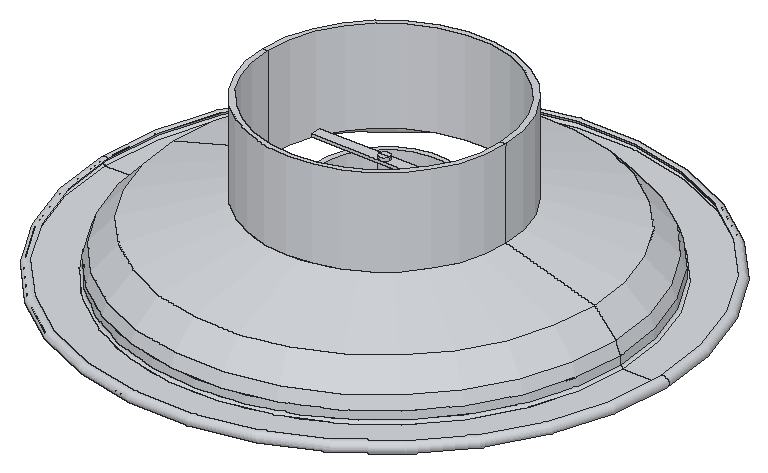
Revit family "04111_VJR", category Air Terminals, Revit 2012
Parameters (values of type "VJR")
  Visible_Texto = or(or(Tamanio_Requerido < 6", Tamanio_Requerido > 16"), not(Tamanio_Requerido = (Var1 * 1")))  # no
  URL = "https://www.innes.com.mx"
  Type Comments = "Tipo R de Menor Altura"
  Tipo de Cuello = "Redondo"
  Posicion de instalación = "Techo"
  Nota1 = if(Tamanio_Requerido < 6", "Cuello no disponible, mínimo 6 in", if(Tamanio_Requerido > 16", "Cuello no disponible, máximo 16 in", if(Tamanio_Requerido = (Var1 * 1"), ".", "Diámetro No Válido. Sólo incrementos de 2 in")))  # "."
  Model = "VJR"
  Material = "Aluminio"
  Manufacturer = "INNES"
  Incrementos de Cuello = "de 2\""
  Función = "Inyección/Retorno"
  Description = "Difusor redondo de tres conos Para inyección o retorno"
  Cuello Mín.-Máx. = "6\" a 16\""
  Conect = if(or((Var1 * 1") < 6", (Var1 * 1") = 6"), 3", if(or((Var1 * 1") > 16", (Var1 * 1") = 16"), 7 15/16", (Var1 * 1") / 2))  # 3"
  Var1 = roundup(Tamanio_Requerido / 2") * 2  # 6
  Tamanio_Requerido = 6"
Reference planes (in)
  plane 1 "Center (Front/Back)": y = 0
  plane 2: z = 0
  plane 3 "Center (Left/Right)": x = 0
Dimensions and locks (in)
  aligned and locked: level to plane 2
  aligned and locked: level to nested 1
Nested families (in)
  nested 1: "VJR" at (0, 0, -4), type "VJR"
    with Var1 6, Tamanio 6", Radio 3", C_Abertura_Plafon 11 5/8", B_Plato 14", D_Altura 4", A_Cuello 6"
  nested 2: "Texto_VJR" at (18.72959, -62.10321, 0), type "texto"
    with Visible_Texto no
Connectors (in)
  hvac at (0, 0, 0), driven by "Conect"
    settings: index 1, duct flow 0.0 L/s, flow factor 0, pres drop 0.0 Pa, loss coef 0, conn angle 0.00°, conn width 304.8 mm, conn height 304.8 mm, conn radius 76.2 mm, duct sys type 1, conn prof type 0, flow config 0, flow direction 0, loss method 0, conn ref index -1, conn util no, is conn primary yes, conn desc ""
Definition of nested family "VJR"
  Parameters (values of type "VJR-16-28")
    Var1 = roundup(Tamanio / 2") * 2  # 16
    URL = "http://www.innes.com.mx/p/Product/Article/76"
    Tamanio = 16"
    Radio = if(or((Var1 * 1") < 6", (Var1 * 1") = 6"), 3", if(or((Var1 * 1") > 16", (Var1 * 1") = 16"), 7 15/16", (Var1 * 1") / 2))  # 7 15/16"
    Model = "VJR"
    Min Flow = 0.0 L/s
    Max Flow = 0.0 L/s
    Material = "Aluminio"
    Manufacturer = "INNES"
    Description = "Difusor Redondo"
    Conexion = "Redondo"
    C_Abertura_Plafon = if(or((Var1 * 1") < 6", (Var1 * 1") = 6"), 11 5/8", if((Var1 * 1") = 8", 15 5/8", if((Var1 * 1") = 10", 19 5/8", if((Var1 * 1") = 12", 23 5/8", if(or((Var1 * 1") = 14", (Var1 * 1") = 15 7/8"), 27 5/8", 27 5/8")))))  # 27 5/8"
    B_Plato = if(or((Var1 * 1") < 6", (Var1 * 1") = 6"), 14", if((Var1 * 1") = 8", 18", if((Var1 * 1") = 10", 23", if((Var1 * 1") = 12", 27", if(or((Var1 * 1") = 14", (Var1 * 1") = 15 7/8"), 32", 32")))))  # 32"
    D_Altura = if(or((Var1 * 1") < 6", (Var1 * 1") = 6"), 4", if((Var1 * 1") = 8", 4 3/4", if((Var1 * 1") = 10", 5 5/8", if((Var1 * 1") = 12", 6 1/8", if((Var1 * 1") = 14", 6 5/8", if((Var1 * 1") = 15 7/8", 6 1/4", 6 1/4"))))))  # 6 1/4"
    A_Cuello = if(or((Var1 * 1") < 6", (Var1 * 1") = 6"), 6", if((Var1 * 1") = 8", 8", if((Var1 * 1") = 10", 10", if((Var1 * 1") = 12", 12", if((Var1 * 1") = 14", 14", if((Var1 * 1") = 16", 15 7/8", 15 7/8"))))))  # 15 7/8"
  Types (7): name | Var1 | Tamanio | Radio | C_Abertura_Plafon | B_Plato | D_Altura | A_Cuello
    (no name) | 16 | 16" | 7 15/16" | 27 5/8" | 32" | 6 1/4" | 15 7/8"
    VJR-06-12 | 6 | 6" | 3" | 11 5/8" | 14" | 4" | 6"
    VJR-08-16 | 8 | 8" | 4" | 15 5/8" | 18" | 4 3/4" | 8"
    VJR-14-28 | 14 | 14" | 7" | 27 5/8" | 32" | 6 5/8" | 14"
    VJR-12-24 | 12 | 12" | 6" | 23 5/8" | 27" | 6 1/8" | 12"
    VJR-10-20 | 10 | 10" | 5" | 19 5/8" | 23" | 5 5/8" | 10"
    VJR-16-28 | 16 | 16" | 7 15/16" | 27 5/8" | 32" | 6 1/4" | 15 7/8"
  Reference planes (in)
    plane 1 "Center (Front/Back)": y = 0
    plane 2: z = 0
    plane 3 "Center (Left/Right)": x = 0
    plane 4: x = -7.9375
    plane 5: x = 7.9375
    plane 6: z = 6.25
    plane 7: x = 16
    plane 8: x = -16
    plane 9: x = -13.8125
    plane 10: x = 13.8125
    plane 11: z = 1.07812
    plane 12: z = 3.9375
    plane 13: z = 0.625
    plane 14: x = -6.625
    plane 15: x = 6.625
    plane 16: z = 3.3256
    plane 17: z = 4.2006
    plane 18: x = -12
    plane 19: x = 12
    plane 20: x = -10.25
    plane 21: x = 10.25
    plane 22: z = 0.4375
    plane 23: x = -9.1875
    plane 24: x = 9.1875
    plane 25: z = 0.51184
    plane 26: x = 8.875
    plane 27: x = -8.875
    plane 28: x = -8.35156
    plane 29: x = 8.35156
  Forms (in)
    Revolve 1, solid
      sketch origin (0, 0, 0) x (1, 0, 0) y (0, 0, 1)
        loop
          line (7.9375, 6.25) -> (7.8125, 6.25) -> (7.8125, 3.9375) -> (13.1277, 1.07813) -> (13.58083, 0.625) -> (13.6875, 0.33192) -> (13.6875, 0.11779)
          arc (13.6875, 0.11779) -> (13.722, 0.0345) -> (13.80529, 0) r 0.11779
          line (13.80529, 0) -> (15.87595, 0)
          arc (15.87595, 0) -> (15.99589, 0.16022) -> (15.80837, 0.23016) r 0.125
          line (15.80837, 0.23016) -> (15.84111, 0.17922)
          arc (15.84111, 0.17922) -> (15.93258, 0.14108) -> (15.87219, 0.0625) r 0.0625
          line (15.87219, 0.0625) -> (13.87973, 0.0625)
          arc (13.87973, 0.0625) -> (13.83219, 0.08219) -> (13.8125, 0.12973) r 0.06723
          line (13.8125, 0.12973) -> (13.8125, 0.33192) -> (13.70583, 0.625) -> (13.17462, 1.20313) -> (7.9375, 4.06709) -> (7.9375, 6.25)
        loop
          line (6.625, 4.2006) -> (6.5, 4.2006) -> (6.5, 3.34078) -> (10.25, 0.33129) -> (10.51476, 0) -> (11.87068, 0)
          arc (11.87068, 0) -> (11.99031, 0.16127) -> (11.80126, 0.22895) r 0.125
          line (11.80126, 0.22895) -> (11.70879, 0.13648) -> (11.74904, 0.09624) -> (11.83414, 0.18134)
          arc (11.83414, 0.18134) -> (11.92214, 0.13888) -> (11.8612, 0.0625) r 0.0625
          line (11.8612, 0.0625) -> (10.68971, 0.0625) -> (10.44977, 0.36273) -> (10.25, 0.5625) -> (6.625, 3.46578) -> (6.625, 4.2006)
        loop
          line (0, 4.9506) -> (0, -0.08462) -> (0.14023, 0.00897) -> (8.35156, 0.375) -> (8.875, 0) -> (9.0625, 0)
          arc (9.0625, 0) -> (9.18212, 0.16127) -> (8.99307, 0.22895) r 0.125
          line (8.99307, 0.22895) -> (8.90061, 0.13648) -> (8.94085, 0.09624) -> (9.02596, 0.18134)
          arc (9.02596, 0.18134) -> (9.11396, 0.13888) -> (9.05302, 0.0625) r 0.0625
          line (9.05302, 0.0625) -> (8.875, 0.0625) -> (8.35156, 0.4375) -> (0.125, 0.06044) -> (0.125, 4.9506) -> (0, 4.9506)
        axis (0, -0.08462) -> (0, 6.25)
      angle from 0 to 360
    Extrusion 2, solid
      sketch origin (0, 0, 0) x (1, 0, 0) y (0, 1, 0)
        loop
          line (-6.625, 0.1373) -> (-6.625, -0.12886) -> (6.625, -0.12886) -> (6.625, 0.1373) -> (-6.625, 0.1373)
      from 2.56709 to 2.64084
  Dimensions and locks (in)
    equal spacing: plane 5, plane 3 "Center (Left/Right)", plane 4
    "D_Altura": plane 6 to level
    "A_Cuello": plane 5 to plane 4
    equal spacing: plane 7, plane 3 "Center (Left/Right)", plane 8
    "B_Plato": plane 7 to plane 8
    equal spacing: plane 10, plane 3 "Center (Left/Right)", plane 9
    "C_Abertura_Plafon": plane 10 to plane 9
    plane 6 to plane 12 = 2 5/16"
    plane 11 to level = 1 5/64"
    equal spacing: plane 15, plane 3 "Center (Left/Right)", plane 14
    plane 14 to plane 4 = 1 5/16"
    plane 6 to plane 17 = 2.0494"
    locked: plane 17 to plane 16 at 0.875
    equal spacing: plane 19, plane 3 "Center (Left/Right)", plane 18
    plane 18 to plane 9 = 1 13/16"
    equal spacing: plane 21, plane 3 "Center (Left/Right)", plane 20
    plane 19 to plane 21 = 1 3/4"
    plane 22 to level = 7/16"
    equal spacing: plane 24, plane 3 "Center (Left/Right)", plane 23
    plane 23 to plane 20 = 1 1/16"
    equal spacing: plane 26, plane 3 "Center (Left/Right)", plane 27
    plane 27 to plane 23 = 5/16"
    equal spacing: plane 29, plane 3 "Center (Left/Right)", plane 28
    plane 28 to plane 27 = 67/128"
    aligned and locked: plane 2 to level
    aligned and locked: Revolve 1 sketch curve to plane 10
    aligned and locked: Revolve 1 sketch curve to plane 5
    aligned and locked: Revolve 1 sketch curve to plane 3 "Center (Left/Right)"
    aligned and locked: plane 15 to Extrusion 2
    aligned and locked: Extrusion 2 to plane 14
  Automatic sketch dimensions
    Revolve 1 sketch curve to level = 0"  (x4)
    Revolve 1 sketch curve to plane 3 "Center (Left/Right)" = 0"
    Revolve 1 sketch curve to plane 29 = 0"  (x2)
    Revolve 1 sketch curve to plane 22 = 0"
    Revolve 1 sketch curve to plane 26 = 0"  (x2)
    Revolve 1 sketch curve to plane 17 = 0"
    Revolve 1 sketch curve to plane 15 = 0"
    Revolve 1 sketch curve to plane 21 = 0"  (x2)
    Revolve 1 sketch curve to plane 12 = 0"
    Revolve 1 sketch curve to plane 6 = 0"  (x2)
    Revolve 1 sketch curve to plane 11 = 0"
    Revolve 1 sketch curve to plane 13 = 0"  (x2)
    level to Revolve 1 sketch curve = 0.06044"
    plane 3 "Center (Left/Right)" to Revolve 1 sketch curve = 1/8"
    level to Revolve 1 sketch curve = 0.00897"
    Revolve 1 sketch curve to Revolve 1 sketch curve = 0.01523"
    plane 26 to Revolve 1 sketch curve = 0.02561"
    Revolve 1 sketch curve to Revolve 1 sketch curve = 0.04025"  (x2)
    plane 26 to Revolve 1 sketch curve = 0.11807"
    Revolve 1 sketch curve to Revolve 1 sketch curve = 0.03288"  (x2)
    Revolve 1 sketch curve to Revolve 1 sketch curve = 0.02706"
    Revolve 1 sketch curve to Revolve 1 sketch curve = 0.00948"  (x2)
    Revolve 1 sketch curve to Revolve 1 sketch curve = 1/8"
    plane 22 to Revolve 1 sketch curve = 0.07477"
    plane 21 to Revolve 1 sketch curve = 0.19977"
    plane 21 to Revolve 1 sketch curve = 0.26476"
    level to Revolve 1 sketch curve = 1/16"  (x2)
    Revolve 1 sketch curve to Revolve 1 sketch curve = 0.17495"
    Revolve 1 sketch curve to plane 5 = 1/8"
    Revolve 1 sketch curve to plane 19 = 0.29121"
    level to Revolve 1 sketch curve = 0.09624"
    Revolve 1 sketch curve to Revolve 1 sketch curve = 0.09247"
    Revolve 1 sketch curve to Revolve 1 sketch curve = 0.11216"
    Revolve 1 sketch curve to plane 10 = 0.6848"
    plane 11 to Revolve 1 sketch curve = 1/8"
    Revolve 1 sketch curve to Revolve 1 sketch curve = 0.04691"
    Revolve 1 sketch curve to plane 10 = 0.23167"
    Revolve 1 sketch curve to plane 10 = 1/8"
    Revolve 1 sketch curve to plane 10 = 0.10667"
    Revolve 1 sketch curve to plane 10 = 0.00721"
    plane 10 to Revolve 1 sketch curve = 0.06723"
    Revolve 1 sketch curve to plane 7 = 0.19163"
    Revolve 1 sketch curve to Revolve 1 sketch curve = 0.03273"
    Revolve 1 sketch curve to Revolve 1 sketch curve = 0.03108"
    Revolve 1 sketch curve to Revolve 1 sketch curve = 0.00377"
    Revolve 1 sketch curve to Revolve 1 sketch curve = 0.08462"
    Revolve 1 sketch curve to Revolve 1 sketch curve = 1/16"  (x4)
    Revolve 1 sketch curve to Revolve 1 sketch curve = 0.03374"
    Revolve 1 sketch curve to Revolve 1 sketch curve = 0"
    plane 22 to Revolve 1 sketch curve = 0.10621"
    plane 22 to Revolve 1 sketch curve = 0.10558"  (x2)
    plane 22 to Revolve 1 sketch curve = 1/16"
    plane 25 to Revolve 1 sketch curve = 0.05066"
    plane 16 to Revolve 1 sketch curve = 0.01519"
    plane 16 to Revolve 1 sketch curve = 0.14019"
    plane 12 to Revolve 1 sketch curve = 0.12959"
    plane 17 to Revolve 1 sketch curve = 3/4"
    Extrusion 2 sketch curve to plane 3 "Center (Left/Right)" = 6 5/8"
    plane 3 "Center (Left/Right)" to Extrusion 2 sketch curve = 6 5/8"
    plane 1 "Center (Front/Back)" to Extrusion 2 sketch curve = 0.12886"
    Extrusion 2 sketch curve to plane 1 "Center (Front/Back)" = 0.1373"
Definition of nested family "Texto_VJR"
  Parameters (values of type "texto")
    texto = "Caudal no Válido"
    Visible_Texto = yes
    Color = rojo
  Reference planes (in)
    plane 1 "Center (Front/Back)": y = 0
    plane 2: z = 0
    plane 3 "Center (Left/Right)": x = 0
